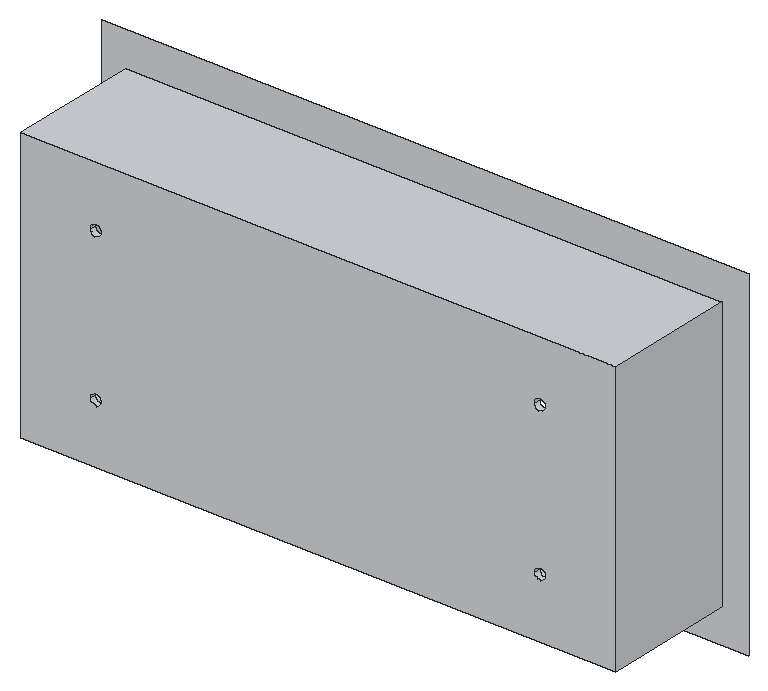
Revit family "AX4930E_0007", category Appareils sanitaires, Revit 2016
Family settings
  Hôte = Mur
  Type d'élément = Normal
  Cote de connecteur circulaire = Utiliser le diamètre
  Numéro OmniClass = 23.75.00.00
  Titre OmniClass = Climate Control (HVAC)
  Toujours verticalement = Oui
  Couper avec des vides une fois chargée = Non
  Partagée = Non
  Point de calcul de pièce = Non
Parameters (values of type "Type 1")
  URL = "https://www.axeuro.com/fr/distributeurs-de-mouchoirs/24017-distributeur-de-mouchoirs-ax4930e.html?search_query=ax4930&results=4"
  Modèle = "AX4930E"  # constant formula
  Matériaux = "En inox 304 (18/10) Bactériostatique"  # constant formula
  Finition = "Brossé Poli Satiné HyperPolish"  # constant formula
  Fabricant = "Axeuro"  # constant formula
  Description = "Distributeur de mouchoirs"  # constant formula
Reference planes
  plane 1 "Mur": y = 0
  plane 2 "Centre (gauche/droite)": x = 0
  plane 3 "Arrière": y = 75
Forms (mm)
  Blend 1, solid
    base sketch origin (0, 42.89, 0) x (1, 0, 0) y (0, 0, 1)
      loop
        arc (138.739, 1519.487) -> (142.275, 1520.951) -> (143.739, 1524.487) r 5
        line (143.739, 1524.487) -> (143.739, 1662.459)
        arc (143.739, 1662.459) -> (142.275, 1665.994) -> (138.739, 1667.459) r 5
        line (138.739, 1667.459) -> (-138.739, 1667.459)
        arc (-138.739, 1667.459) -> (-142.275, 1665.994) -> (-143.739, 1662.459) r 5
        line (-143.739, 1662.459) -> (-143.739, 1524.487)
        arc (-143.739, 1524.487) -> (-142.275, 1520.951) -> (-138.739, 1519.487) r 5
        line (-138.739, 1519.487) -> (138.739, 1519.487)
    top sketch origin (0, 75, 0) x (1, 0, 0) y (0, 0, 1)
      loop
        line (149.739, 1514.487) -> (149.739, 1672.459) -> (-148.739, 1672.459) -> (-148.739, 1514.487) -> (149.739, 1514.487)
    from -35.529 to 0
  Extrusion 2, solid
    sketch origin (486.97, 14.017, -29.739) x (1, 0, 0) y (0, 0, 1)
      loop
        line (-349.47, 1686.212) -> (-624.47, 1686.212) -> (-624.47, 1560.212) -> (-349.47, 1560.212) -> (-349.47, 1686.212)
      loop
        line (-352.17, 1562.912) -> (-352.17, 1683.512) -> (-621.77, 1683.512) -> (-621.77, 1562.912) -> (-352.17, 1562.912)
    from -60.983 to 0
  Extrusion 3, void
    sketch origin (0, 14.017, 0) x (1, 0, 0) y (0, 0, 1)
      loop
        arc (79.783, 1603.923) -> (62.564, 1605.056) -> (45.837, 1609.299) r 94.581
        arc (45.837, 1609.299) -> (0, 1618.923) -> (-45.837, 1609.299) r 113.975
        arc (-45.837, 1609.299) -> (-62.564, 1605.056) -> (-79.783, 1603.923) r 94.581
        line (-79.783, 1603.923) -> (-89.55, 1603.923)
        arc (-89.55, 1603.923) -> (-100, 1593.473) -> (-89.55, 1583.023) r 10.45
        line (-89.55, 1583.023) -> (-75.96, 1583.023)
        arc (-75.96, 1583.023) -> (-62.099, 1582.179) -> (-48.433, 1579.717) r 118.355
        arc (-48.433, 1579.717) -> (0, 1568.023) -> (48.433, 1579.717) r 106.141
        arc (48.433, 1579.717) -> (62.099, 1582.179) -> (75.96, 1583.023) r 118.355
        line (75.96, 1583.023) -> (89.55, 1583.023)
        arc (89.55, 1583.023) -> (100, 1593.473) -> (89.55, 1603.923) r 10.45
        line (89.55, 1603.923) -> (79.783, 1603.923)
    from -64.403 to -60.983
  Extrusion 4, solid
    sketch origin (0, 14.017, 0) x (1, 0, 0) y (0, 0, 1)
      loop
        line (137.5, 1656.473) -> (-137.5, 1656.473) -> (-137.5, 1530.473) -> (137.5, 1530.473) -> (137.5, 1656.473)
    from -2.7 to 0
  Extrusion 5, void
    sketch origin (0, -60.983, 0) x (1, 0, 0) y (0, 0, 1)
      loop
        circle (-102.5, 1628.473) r 2.6
    from -77.7 to -75
  Extrusion 6, void
    sketch origin (0, -60.983, 0) x (-1, 0, 0) y (0, 0, -1)
      loop
        circle (-102.5, -1628.473) r 2.6
    from -77.7 to -75
  Extrusion 7, void
    sketch origin (0, -60.983, -70) x (1, 0, 0) y (0, 0, 1)
      loop
        circle (-102.5, 1628.473) r 2.6
    from -77.7 to -75
  Extrusion 8, void
    sketch origin (0, -60.983, -70) x (-1, 0, 0) y (0, 0, -1)
      loop
        circle (-102.5, -1628.473) r 2.6
    from -77.7 to -75
  Extrusion 9, void
    sketch origin (0, 75, 0) x (1, 0, 0) y (0, 0, 1)
      loop
        line (134.8, 1653.773) -> (-134.8, 1653.773) -> (-134.8, 1533.173) -> (134.8, 1533.173) -> (134.8, 1653.773)
    from 0 to 58.283
Cuts and joins
  Extrusion 3, Extrusion 6, Extrusion 7, Extrusion 8, Extrusion 9 cuts Extrusion 2
  Extrusion 5, Extrusion 6, Extrusion 7, Extrusion 8, Extrusion 9 cuts Extrusion 4
  joined: Extrusion 2, Extrusion 4
  Extrusion 3, Extrusion 9 cuts Blend 1
Lines and regions (mm)
  reference lines
    curve 1: line (-46.048, 75, 1514.487) -> (-48.23, 75, 1514.487)
Text (mm)
  text "Côté de la mise en place" at (-1820.995, 1116.779, 0), in view "Niveau de réf."
  text "Côté de la mise en place" at (0, 1334.055, 2976.191), in view "Gauche"
  text "Côté de la mise en place" at (0, 439.194, 2944.362), in view "Droite"
Dimensions and locks
  locked: plane 3 "Arrière" to host wall
  aligned and locked: plane 1 "Mur" to host wall
